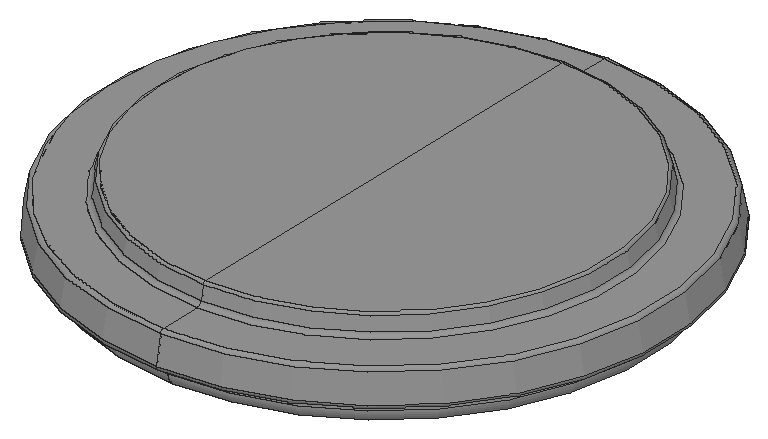
Revit family "FMK12_63_UN_Surface-mounted_ETK", category Lighting Fixtures, Revit 2017 (continued)
Definition of nested family "FMK.1 - Lightsource"
  Types (13, lengths in mm): name | Wattage Comments | Photometric Web File | built-in parameter 1150142 | Apparent Load
      580.557\r\n575.8245\t567.7807\t558.671\t549.5453\t540.3689\t531.5285\t520.6203\t507.6479\t495.0358\t482.4103\r\n469.7659\t456.1023\t439.9856\t424.2655\t408.544\t392.8333\t376.1554\t357.0502\t338.3348\t319.6294\r\n300.9487\t282.2854\t263.6386\t245.0208\t226.416\t229.2017\t45.4684\t0\t0\t0\r\n0\t0\t0\t0\t0\t0\r\n604.9325\t604.7632\t604.6362\t603.7203\t602.0082\t600.4147\t595.7247\t590.7676\t585.7629\t580.6861\r\n575.9058\t567.6035\t558.5877\t549.4888\t540.4293\t531.726\t520.0768\t507.5\t494.9689\t482.4273\r\n470.2375\t455.5327\t439.9057\t424.245\t408.5773\t393.285\t375.5117\t356.8122\t338.1263\t319.4596\r\n300.8082\t282.1736\t263.5683\t244.9667\t226.3809\t226.4495\t32.7256\t0\t0\t0\r\n0\t0\t0\t0\t0\t0\r\n604.9325\t604.7494\t604.6192\t603.7068\t602.0019\t600.4017\t595.6636\t590.7204\t585.7555\t580.7574\r\n576.0386\t567.5341\t558.5281\t549.5331\t540.4448\t531.678\t519.8299\t507.4404\t494.966\t482.469\r\n470.2994\t455.3393\t439.7438\t424.1484\t408.56\t393.3021\t375.2679\t356.5942\t337.9405\t319.3018\r\n300.6755\t282.0607\t263.4482\t244.854\t226.2716\t222.8477\t22.725\t0\t0\t0\r\n0\t0\t0\t0\t0\t0\r\n604.9325\t604.7357\t604.5967\t603.684\t601.9814\t600.3699\t595.5908\t590.662\t585.7282\t580.7774\r\n576.0465\t567.4397\t558.4879\t549.5241\t540.5844\t531.8864\t519.8198\t507.3101\t494.8808\t482.4693\r\n470.3215\t455.1606\t439.6097\t424.0629\t408.5175\t393.228\t374.9972\t356.3573\t337.7329\t319.1159\r\n300.506\t281.8988\t263.2952\t244.6981\t226.1219\t218.8981\t15.0099\t0\t0\t0\r\n0\t0\t0\t0\t0\t0\r\n604.9325\t604.7223\t604.5686\t603.6521\t601.9545\t600.3064\t595.5102\t590.5972\t585.6714\t580.7393\r\n575.9875\t567.2954\t558.3889\t549.4772\t540.5512\t531.8001\t519.6428\t507.2546\t494.8661\t482.4548\r\n470.231\t454.9664\t439.4613\t423.9574\t408.44\t393.1071\t374.7393\t356.1186\t337.5193\t318.9114\r\n300.3051\t281.7155\t263.1204\t244.529\t225.9498\t215.0686\t9.2037\t0\t0\t0\r\n0\t0\t0\t0\t0\t0\r\n604.9325\t604.7094\t604.4862\t603.611\t601.9186\t600.2519\t595.4135\t590.5198\t585.6158\t580.6958\r\n575.8642\t567.1097\t558.241\t549.3869\t540.4953\t531.7019\t519.4694\t507.1191\t494.7328\t482.3628\r\n470.0882\t454.7379\t439.2614\t423.776\t408.2999\t392.9255\t374.4478\t355.8537\t337.2496\t318.6474\r\n300.0597\t281.4641\t262.8684\t244.288\t225.7094\t211.6358\t4.9997\t0\t0\t0\r\n0\t0\t0\t0\t0\t0\r\n604.9325\t604.6969\t604.4556\t603.5192\t601.874\t600.1956\t595.3363\t590.449\t585.5548\t580.6541\r\n575.7996\t566.9991\t558.1327\t549.2735\t540.42\t531.6019\t519.2964\t506.9413\t494.5886\t482.2445\r\n469.9877\t454.5785\t439.0952\t423.6214\t408.1442\t392.7183\t374.1807\t355.5769\t336.9856\t318.3868\r\n299.7943\t281.203\t262.6158\t244.0278\t225.4394\t208.9068\t2.165\t0\t0\t0\r\n0\t0\t0\t0\t0\t0\r\n604.9325\t604.6847\t604.4274\t603.4735\t601.8037\t600.1361\t595.2676\t590.3811\t585.4992\t580.6088\r\n575.7401\t566.912\t558.0725\t549.2441\t540.4033\t531.587\t519.2191\t506.851\t494.4843\t482.1068\r\n469.7562\t454.3202\t438.8773\t423.4266\t407.9715\t392.5332\t373.932\t355.3289\t336.7255\t318.1135\r\n299.5116\t280.9116\t262.2998\t243.7\t225.1013\t207.0147\t0.5323\t0\t0\t0\r\n0\t0\t0\t0\t0\t0\r\n604.9325\t604.6729\t604.4014\t603.4335\t601.7575\t600.0816\t595.2071\t590.3206\t585.446\t580.5597\r\n575.685\t566.8329\t557.9807\t549.1285\t540.2764\t531.4242\t519.0431\t506.6501\t494.257\t481.8758\r\n469.4829\t454.0447\t438.6064\t423.1684\t407.7302\t392.292\t373.6789\t355.054\t336.4408\t317.8278\r\n299.2028\t280.5896\t261.9646\t243.3516\t224.7385\t206.1135\t0\t0\t0\t0\r\n0\t0\t0\t0\t0\t0\r\n604.9325\t604.6616\t604.378\t603.3995\t601.715\t600.0296\t595.1546\t590.2669\t585.4105\t580.5216\r\n575.6582\t566.7631\t557.8634\t548.9492\t540.0325\t531.1387\t518.7759\t506.3999\t494.0246\t481.6485\r\n469.2857\t453.8306\t438.3655\t422.898\t407.4405\t391.9924\t373.3723\t354.7354\t336.1017\t317.4682\r\n298.8328\t280.1999\t261.5672\t242.9339\t224.3137\t206.2036\t0.5301\t0\t0\t0\r\n0\t0\t0\t0\t0\t0\r\n604.9325\t604.6507\t604.3569\t603.3713\t601.698\t599.9887\t595.1169\t590.2224\t585.3231\t580.4075\r\n575.5369\t566.6425\t557.7033\t548.7862\t539.8612\t531.0007\t518.6409\t506.2128\t493.7948\t481.377\r\n469.0121\t453.5886\t438.1005\t422.6195\t407.1375\t391.7061\t373.1018\t354.4428\t335.7831\t317.1238\r\n298.4689\t279.8011\t261.1531\t242.4973\t223.8535\t207.2464\t2.1476\t0\t0\t0\r\n0\t0\t0\t0\t0\t0\r\n604.9325\t604.6403\t604.3383\t603.3781\t601.6534\t599.9308\t595.0598\t590.1302\t585.1637\t580.2052\r\n575.3271\t566.4956\t557.5561\t548.6172\t539.6572\t530.7955\t518.4879\t506.047\t493.6358\t481.2019\r\n468.8827\t453.4616\t437.9077\t422.358\t406.814\t391.4091\t372.8458\t354.1519\t335.4575\t316.7768\r\n298.0863\t279.3995\t260.7148\t242.0356\t223.3535\t209.1392\t4.9398\t0\t0\t0\r\n0\t0\t0\t0\t0\t0\r\n604.9325\t604.6305\t604.3542\t603.3499\t601.5992\t599.8648\t594.9909\t590.0066\t585.0197\t580.0279\r\n575.213\t566.4149\t557.4183\t548.4139\t539.4142\t530.599\t518.354\t505.8662\t493.3253\t480.7725\r\n468.4051\t453.0753\t437.5235\t421.9622\t406.3959\t391.0178\t372.5245\t353.7887\t335.0458\t316.3216\r\n297.6139\t278.9143\t260.2218\t241.5236\t222.8419\t211.7307\t9.0584\t0\t0\t0\r\n0\t0\t0\t0\t0\t0\r\n604.9325\t604.6209\t604.3361\t603.3171\t601.5361\t599.79\t594.9273\t589.9054\t584.8898\t579.8507\r\n575.019\t566.2793\t557.2303\t548.1795\t539.1485\t530.3832\t518.1958\t505.5947\t492.998\t480.4038\r\n468.0549\t452.8183\t437.1902\t421.5538\t405.9366\t390.617\t372.2595\t353.4868\t334.7152\t315.9418\r\n297.1676\t278.4178\t259.6912\t240.9653\t222.2487\t214.6609\t14.7139\t0\t0\t0\r\n0\t0\t0\t0\t0\t0\r\n604.9325\t604.6121\t604.3154\t603.2796\t601.4588\t599.7057\t594.8651\t589.8096\t584.7389\t579.6112\r\n574.75\t566.1333\t557.0381\t547.9336\t538.8114\t530.0323\t517.9997\t505.3262\t492.6666\t480.0139\r\n467.6665\t452.5996\t436.9052\t421.1918\t405.4901\t390.1168\t371.9317\t353.1249\t334.3088\t315.5017\r\n296.703\t277.9087\t259.137\t240.3756\t221.641\t217.6606\t22.1831\t0\t0\t0\r\n0\t0\t0\t0\t0\t0\r\n604.9325\t604.6037\t604.2923\t603.2379\t601.3832\t599.6112\t594.7992\t589.7156\t584.578\t579.3507\r\n574.4365\t565.9847\t556.8299\t547.6569\t538.4624\t529.6436\t517.8379\t505.1383\t492.3998\t479.655\r\n467.2301\t452.3504\t436.5478\t420.7758\t404.9991\t389.6016\t371.6468\t352.7568\t333.902\t315.0466\r\n296.2052\t277.3808\t258.5638\t239.7718\t220.9966\t220.3335\t31.8157\t0\t0\t0\r\n0\t0\t0\t0\t0\t0\r\n604.9325\t604.6264\t604.2668\t603.184\t601.3042\t599.4921\t594.7631\t589.6316\t584.4014\t579.0674\r\n574.1164\t565.8696\t556.6558\t547.4143\t538.1213\t529.2802\t518.2321\t504.9902\t492.1\t479.1502\r\n466.2748\t452.4704\t436.2345\t420.3688\t404.5102\t388.6462\t371.7795\t352.4387\t333.5044\t314.5978\r\n295.7023\t276.8281\t257.9759\t239.1444\t220.3439\t222.1659\t44.019\t0\t0\t0\r\n0\t0\t0\t0\t0\t0\r\n604.9325\t604.6175\t604.2388\t603.1377\t601.2227\t599.393\t594.7597\t589.541\t584.2109\t578.7911\r\n573.7778\t565.8354\t556.5099\t547.1431\t537.7767\t528.4261\t518.0929\t504.6371\t491.6852\t478.7549\r\n465.7705\t452.2449\t435.9539\t419.9514\t403.9894\t388.026\t371.4783\t352.1406\t333.1278\t314.1432\r\n295.1638\t276.2281\t257.3335\t238.4602\t219.6336\t222.5815\t59.2795\t0\t0\t0\r\n0\t0\t0\t0\t0\t0\r\n604.9325\t604.6083\t604.2087\t603.0905\t601.1334\t599.2948\t594.7477\t589.4485\t584.0313\t578.5186\r\n572.9709\t566.2131\t556.303\t546.8736\t537.408\t527.7959\t517.755\t504.4878\t491.4077\t478.3154\r\n465.1946\t451.8663\t435.6497\t419.562\t403.4723\t387.3853\t371.0707\t351.7829\t332.7135\t313.6759\r\n294.6564\t275.6527\t256.6917\t237.7765\t218.8904\t200.0404\t123.0458\t0\t0\t0\r\n0\t0\t0\t0\t0\t0\r\n604.9325\t604.5984\t604.1762\t603.0423\t601.0563\t599.2079\t594.7406\t589.3635\t583.8557\t578.2878\r\n572.5598\t565.9939\t556.1202\t546.5996\t536.9675\t527.333\t517.5303\t504.2723\t491.0942\t477.8523\r\n464.6219\t451.4545\t435.3539\t419.1162\t402.8873\t386.7138\t370.6427\t351.5167\t332.3327\t313.2127\r\n294.1056\t275.0485\t256.0207\t237.0535\t218.1327\t199.2528\t141.3756\t0\t0\t0\r\n0\t0\t0\t0\t0\t0\r\n604.9325\t604.5881\t604.1345\t602.9934\t600.9831\t599.0881\t595.1231\t589.2797\t583.702\t578.0092\r\n572.086\t565.7444\t556.0207\t546.3512\t536.6207\t526.7829\t517.1153\t504.1266\t490.752\t477.3913\r\n464.0075\t450.8707\t435.0141\t418.6634\t402.3572\t386.0323\t370.0481\t351.2415\t331.9591\t312.7263\r\n293.5436\t274.4063\t255.3393\t236.3172\t217.3562\t198.4472\t158.4187\t0\t0\t0\r\n0\t0\t0\t0\t0\t0\r\n604.9325\t604.5773\t604.0991\t602.9455\t600.914\t598.9484\t595.1202\t589.2174\t583.57\t577.6864\r\n571.6185\t565.5197\t555.9396\t546.1367\t536.2215\t526.2616\t516.5963\t503.9155\t490.4617\t476.9917\r\n463.3929\t449.7242\t435.1403\t418.2976\t401.8163\t385.3234\t369.2577\t350.95\t331.5721\t312.2532\r\n292.976\t273.7597\t254.6188\t235.5561\t216.5474\t197.6093\t173.3203\t0\t0\t0\r\n0\t0\t0\t0\t0\t0\r\n604.9325\t604.5662\t604.0625\t602.8947\t600.8579\t598.4107\t595.0932\t589.1837\t583.4111\t577.3865\r\n571.207\t565.2785\t555.8452\t545.8987\t535.8506\t525.6906\t515.4472\t504.2643\t490.2873\t476.512\r\n462.7778\t449.0181\t434.7872\t417.8293\t401.2088\t384.6206\t368.038\t350.9748\t331.1759\t311.7626\r\n292.4418\t273.1465\t253.9196\t234.7779\t215.7009\t196.7075\t185.101\t0\t0\t0\r\n0\t0\t0\t0\t0\t0\r\n604.9325\t604.5549\t604.0248\t602.8422\t600.8896\t598.2527\t595.0586\t589.1516\t583.2471\t577.0978\r\n570.8578\t564.8371\t555.7919\t545.6803\t535.468\t525.155\t514.7861\t504.1101\t489.9894\t476.136\r\n462.2219\t448.1506\t434.1791\t417.5062\t400.72\t383.9073\t367.1567\t350.4871\t330.8814\t311.3368\r\n291.8725\t272.4841\t253.2081\t233.9971\t214.874\t195.8381\t192.7191\t15.9245\t0\t0\r\n0\t0\t0\t0\t0\t0\r\n604.9325\t604.5433\t603.986\t602.788\t600.8165\t598.0928\t595.0063\t589.1287\t583.1052\t576.8495\r\n570.464\t563.8318\t556.1539\t545.496\t535.1406\t524.6786\t514.145\t503.5885\t489.837\t475.7861\r\n461.5507\t447.3989\t433.5293\t417.1738\t400.1728\t383.2561\t366.3482\t349.7603\t330.57\t310.9182\r\n291.3454\t271.8635\t252.4808\t233.2119\t214.0328\t194.9634\t195.026\t38.2765\t0\t0\r\n0\t0\t0\t0\t0\t0\r\n604.9325\t604.5317\t603.9462\t602.73\t600.7396\t597.9295\t594.9348\t589.1201\t582.9764\t576.6315\r\n570.0584\t563.2569\t555.9179\t545.3696\t534.8625\t524.2132\t513.4217\t502.9356\t489.7305\t475.3691\r\n461.0709\t446.6983\t432.2196\t417.1769\t399.7761\t382.6479\t365.546\t348.499\t330.6306\t310.5168\r\n290.8325\t271.2253\t251.7671\t232.4223\t213.1813\t194.0621\t175.0452\t106.4478\t0\t0\r\n0\t0\t0\t0\t0\t0\r\n604.9325\t604.5199\t603.9051\t602.6751\t600.6596\t597.7729\t594.8273\t589.1277\t582.8766\t576.4068\r\n569.6829\t562.6314\t555.6053\t545.3093\t534.5655\t523.7745\t512.7601\t501.66\t489.8704\t475.1468\r\n460.6236\t445.9779\t431.3323\t416.721\t399.3955\t382.1115\t364.7839\t347.5098\t330.1901\t310.1235\r\n290.373\t270.6834\t251.0985\t231.6345\t212.2907\t193.1322\t174.086\t133.5693\t0\t0\r\n0\t0\t0\t0\t0\t0\r\n604.9325\t604.5079\t603.8631\t602.6134\t600.5749\t597.6205\t594.6841\t589.1533\t582.7971\t576.198\r\n569.2975\t562.0743\t555.1412\t545.1747\t534.4\t523.3501\t512.1459\t500.742\t489.4278\t474.9764\r\n460.2072\t445.3919\t430.5375\t415.931\t399.1573\t381.5414\t364.0205\t346.5679\t329.4978\t309.9127\r\n289.9228\t270.0565\t250.3956\t230.8425\t211.4094\t192.1749\t173.1081\t154.025\t0\t0\r\n0\t0\t0\t0\t0\t0\r\n604.9325\t604.4961\t603.8272\t602.5488\t600.4863\t597.4731\t594.506\t589.5741\t582.7439\t576.0162\r\n568.8821\t561.5908\t554.0037\t545.51\t534.2308\t522.9763\t511.5426\t499.9542\t488.6592\t475.3061\r\n459.9308\t444.8951\t429.7989\t414.6003\t399.0359\t381.0986\t363.3904\t345.7352\t328.131\t309.8941\r\n289.5081\t269.4864\t249.6632\t230.0436\t210.573\t191.2661\t172.1269\t166.1889\t1.0816\t0\r\n0\t0\t0\t0\t0\t0\r\n604.9325\t604.4843\t603.6876\t602.4812\t600.394\t597.3304\t593.8969\t589.5576\t582.7321\t575.8654\r\n568.5536\t561.1314\t553.1982\t545.2937\t534.1132\t522.6889\t511.0381\t499.2227\t487.2464\t475.0385\r\n459.7619\t444.4779\t429.0445\t413.5582\t398.4204\t380.7318\t362.7844\t344.8834\t327.0801\t309.3293\r\n289.0741\t268.9893\t249.0266\t229.2819\t209.6976\t190.315\t171.1479\t152.1609\t24.9516\t0\r\n0\t0\t0\t0\t0\t0\r\n604.9325\t604.4729\t603.6423\t602.4109\t600.2969\t597.1958\t593.6426\t589.4592\t582.742\t575.7081\r\n568.317\t560.6659\t552.5479\t544.712\t534.4903\t522.4719\t510.5985\t498.545\t486.3296\t474.3497\r\n459.6837\t444.0747\t428.3777\t412.7844\t396.9567\t380.7411\t362.297\t344.1678\t326.043\t308.3826\r\n288.7651\t268.5059\t248.3888\t228.5046\t208.8423\t189.3996\t170.1602\t151.1308\t92.5537\t0\r\n0\t0\t0\t0\t0\t0\r\n604.9325\t604.4616\t603.597\t602.3379\t600.1979\t597.1739\t593.3818\t589.3226\t582.7813\t575.5444\r\n568.0981\t560.1654\t552.0133\t543.4448\t534.3842\t522.3157\t510.2443\t497.9469\t485.4798\t472.8858\r\n459.8258\t443.7838\t427.9923\t411.939\t395.91\t380.1029\t361.9131\t343.5007\t325.0806\t306.9089\r\n288.6458\t268.0404\t247.8084\t227.7882\t207.9796\t188.4441\t169.1623\t150.1435\t122.6663\t0\r\n0\t0\t0\t0\t0\t0\r\n604.9325\t604.4506\t603.5522\t602.2627\t600.0956\t597.0523\t593.1349\t589.1244\t583.2394\t575.4851\r\n567.9307\t559.7776\t551.4227\t542.6122\t533.9082\t522.2819\t509.9837\t497.4537\t484.7479\t471.794\r\n458.998\t443.7995\t427.5727\t411.2769\t395.0097\t378.6622\t361.8948\t342.8143\t324.3217\t305.8143\r\n287.7492\t267.7007\t247.2224\t227.0748\t207.166\t187.5405\t168.1922\t149.124\t140.1567\t0\r\n0\t0\t0\t0\t0\t0\r\n604.9325\t604.4294\t603.5077\t602.188\t599.9899\t596.9477\t592.9016\t588.8633\t583.2147\t575.5207\r\n567.7723\t559.5045\t550.8897\t541.9416\t532.6043\t522.5965\t509.811\t497.0659\t484.0541\t470.8107\r\n457.4164\t443.8914\t427.3242\t410.8155\t394.1966\t377.5624\t360.9355\t342.52\t323.6112\t304.8648\r\n286.202\t267.5492\t246.7533\t226.4008\t206.3734\t186.6561\t167.2312\t148.1077\t129.2845\t10.3334\r\n0\t0\t0\t0\t0\t0\r\n604.9325\t604.4195\t603.4641\t602.1078\t599.8841\t596.8155\t592.6872\t588.1451\t583.0235\t575.5845\r\n567.6119\t559.2557\t550.4062\t541.2976\t531.6992\t522.0661\t509.7806\t496.7878\t483.4998\t469.9516\r\n456.3571\t442.8221\t427.6855\t410.4734\t393.5939\t376.5252\t359.5309\t342.4013\t323.0592\t303.9192\r\n285.0445\t266.5724\t246.3282\t225.8347\t205.6391\t185.7617\t166.2891\t147.1457\t128.3049\t73.2475\r\n0\t0\t0\t0\t0\t0\r\n604.9325\t604.4101\t603.4214\t602.025\t599.771\t596.6739\t592.5032\t587.8231\t582.7805\t576.0783\r\n567.5599\t559.0563\t550.0333\t540.6899\t530.8794\t520.6834\t510.0048\t496.6168\t483.0748\t469.3201\r\n455.372\t441.1597\t427.0718\t410.38\t393.176\t375.718\t358.337\t341.0191\t322.5628\t303.171\r\n283.9792\t265.0216\t246.1697\t225.2875\t204.9367\t184.9616\t165.3515\t146.1494\t127.3133\t105.7337\r\n0\t0\t0\t0\t0\t0\r\n604.9325\t604.4017\t603.38\t601.9397\t599.6438\t596.5227\t592.438\t587.5329\t582.44\t576.0734\r\n567.5935\t558.9207\t549.7995\t540.1888\t530.1658\t519.7126\t509.2645\t496.9894\t482.7879\t468.8702\r\n454.5035\t440.0377\t425.3993\t410.6674\t392.8017\t375.0463\t357.3334\t339.6053\t322.0947\t302.6399\r\n283.1155\t263.9142\t244.8482\t224.8765\t204.317\t184.1413\t164.4613\t145.2101\t126.3651\t119.2436\r\n0\t0\t0\t0\t0\t0\r\n604.9325\t604.3939\t603.34\t601.8519\t599.5255\t596.3623\t592.2631\t587.2532\t581.656\t575.8791\r\n568.1003\t558.8511\t549.6123\t539.7808\t529.5521\t518.8501\t507.7503\t496.4831\t482.7274\t468.533\r\n453.9048\t439.1525\t424.1626\t408.9232\t392.9664\t374.5938\t356.5292\t338.4935\t320.5128\t302.3863\r\n282.5686\t262.8995\t243.5418\t224.4753\t203.7722\t183.4746\t163.6292\t144.2566\t125.3736\t106.9497\r\n11.7181\t0\t0\t0\t0\t0\r\n604.9325\t604.387\t603.3015\t601.7617\t599.4058\t596.1605\t592.0815\t586.9987\t581.2608\t575.4819\r\n568.0918\t558.8954\t549.4935\t539.4922\t529.0523\t518.1151\t506.7688\t494.941\t482.9397\t468.3432\r\n453.5373\t438.4736\t423.165\t407.4106\t391.8135\t374.7525\t356.0936\t337.6593\t319.275\t301.111\r\n282.2991\t262.0961\t242.4214\t223.0808\t203.3667\t182.8152\t162.8033\t143.344\t124.4124\t106.0038\r\n72.9351\t0\t0\t0\t0\t0\r\n604.9325\t604.622\t603.2538\t601.5672\t599.2847\t595.9962\t591.8852\t586.8698\t580.9017\t574.5928\r\n567.865\t559.4036\t549.4849\t539.3427\t528.6819\t517.5354\t505.9362\t493.8401\t481.5473\t468.5515\r\n453.4477\t437.9898\t422.2479\t406.2226\t390.0147\t373.9767\t355.942\t337.1648\t318.4738\t299.7784\r\n281.3581\t261.6264\t241.5101\t221.8103\t202.7012\t182.2804\t162.0885\t142.4934\t123.5155\t105.0904\r\n95.1456\t0\t0\t0\t0\t0\r\n604.9325\t604.6141\t603.2189\t601.4822\t599.1621\t595.8286\t591.6884\t586.6254\t580.5859\t574.1298\r\n567.4081\t559.3581\t549.5858\t539.309\t528.4379\t517.129\t505.2655\t492.9651\t480.2973\t467.2202\r\n453.6975\t437.7964\t421.7132\t405.3918\t388.8092\t372.1027\t355.5671\t337.0665\t317.922\t298.752\r\n279.8341\t261.0628\t240.8359\t220.8089\t201.1979\t181.9596\t161.5268\t141.7433\t122.5829\t104.1327\r\n86.3071\t0\t0\t0\t0\t0\r\n604.9325\t604.6054\t603.1866\t601.4029\t599.0383\t595.6611\t591.4846\t586.3831\t580.4101\t573.7236\r\n566.4496\t559.0016\t549.9724\t539.414\t528.3623\t516.8762\t504.7922\t492.3345\t479.3339\t466.0119\r\n452.2141\t437.9358\t421.548\t404.9834\t388.0178\t370.9093\t353.6945\t336.6775\t317.7303\t298.2286\r\n278.7536\t259.4391\t240.5161\t220.1211\t200.0968\t180.6721\t161.0151\t141.0006\t121.7686\t103.2549\r\n85.4213\t45.9781\t0\t0\t0\t0\r\n604.9325\t604.5953\t603.1572\t601.3299\t598.9131\t595.4931\t591.2773\t586.136\t580.1303\t573.4509\r\n565.956\t558.0142\t549.6285\t539.8675\t528.4659\t516.7647\t504.5384\t491.8589\t478.6369\t465.0603\r\n450.9503\t436.4023\t421.7158\t404.8189\t387.5354\t370.1777\t352.5399\t334.7641\t317.2154\t298.387\r\n278.1701\t258.4364\t238.9754\t219.7559\t199.2825\t179.3658\t160.3313\t140.4532\t120.9822\t102.383\r\n84.5438\t73.5444\t0\t0\t0\t0\r\n604.9325\t604.5842\t603.1309\t601.2628\t598.7218\t595.325\t591.0663\t585.8834\t579.8535\t573.1229\r\n565.5374\t557.4249\t548.5695\t539.5105\t528.9283\t516.8665\t504.4931\t491.5872\t478.201\t464.3372\r\n449.9781\t435.1134\t420.0866\t404.7055\t387.8436\t369.7748\t351.778\t333.5676\t315.3363\t297.026\r\n278.3487\t257.9367\t237.9282\t218.2191\t198.7991\t178.3756\t158.8354\t140.0522\t120.3754\t101.6243\r\n83.73\t66.7522\t0\t0\t0\t0\r\n604.9325\t604.5719\t603.1078\t601.203\t598.6144\t595.1881\t590.8522\t585.6299\t579.5818\t572.7997\r\n565.288\t556.9376\t547.9461\t538.3631\t528.5314\t517.2694\t505.0391\t491.5939\t478.0231\t463.9186\r\n449.2926\t434.2502\t418.8317\t402.9288\t386.7615\t370.0642\t351.5529\t332.8486\t314.229
